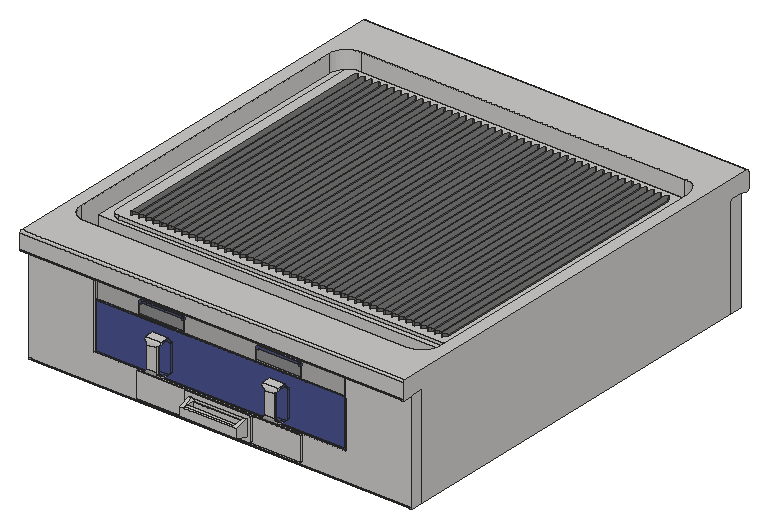
Revit family "QF_ELECTROLUXPROFESSIONAL_589098_MCHNAAHOAO", category Specialty Equipment, Revit 2018
Family settings
  Round Connector Dimension = Use Diameter
  Part Type = Normal
  Work Plane-Based = No
  Always vertical = Yes
  Cut with Voids When Loaded = No
  Shared = No
  Room Calculation Point = No
Parameters
  Weight in Pounds = 264.6
  Watts = 15300 VA  # 15300 W
  Volts = 400 V  # constant formula
  URL Cutsheet = ""
  Type Mark [instance] = ""
  Status [instance] = ""
  Specification by User [instance] = ""
  Specification by Manufacturer = ""
  Show Clearance [instance] = yes
  Serial Number = ""
  Seismic Rating = ""
  SMACNA No = ""
  Revision Code [instance] = ""
  Phase = 3  # constant formula
  Omniclass Number and Title = ""
  Number of Poles [instance] = 1
  NAFEM Spec ID Number = ""
  Model = "589098"
  Min Ckt Ampacity = 0 A
  Max Overcurrent Protection = 0 A
  Masterspec = ""
  Manufacturer = "ELECTROLUX"
  Item Number [instance] = ""
  Installed By [instance] = ""
  Identify Quantity as Lot [instance] = yes
  HP = "20.5 HP"
  Furnished By [instance] = ""
  Foodservice Equipment Identifier [instance] = yes
  FL Amps [instance] = if(Phase = 3, Watts / (Volts * 1.73), Watts / Volts)  # 22.1098 A
  Electrical Remarks = "400 V/3N ph/50/60 Hz"  # constant formula
  Electric Connection Type [instance] = ""
  Elec Conn RI Height [instance] = 0 mm
  Elec Conn Connection Height [instance] = 0 mm
  Direct Waste Size = 0"
  Description = "EL.FRYTOP,RIBBED PL,1-SIDE,800X900X250H"
  Cycle [instance] = if([60 Hertz Option], 60 Hz, 50 Hz)  # 60 Hz
  Conn Plug = ""
  Conn Conduit = yes
  CSI MasterFormat = ""
  CSI Master Format = ""
  Back Panel [instance] = yes
  Apparent Power [instance] = if(Phase = 3, Volts * FL Amps * 1.73, Volts * FL Amps)  # 15300 VA
  60 Hertz Option [instance] = not([50 Hertz Option])  # yes
  50 Hertz Option [instance] = no
Reference planes
  plane 1 "BACK": y = 0
  plane 2: z = 0
  plane 3 "LEFT": x = 0
  plane 4 "RIGHT": x = 800
  plane 5 "FRONT": y = -900
  plane 6 "TOP": z = 250
  plane 7: x = 400
  plane 8: y = -450
  plane 9: y = -1330
Forms (mm)
  Extrusion 1, solid, material "QF_Finishes_Stainless Steel"
    sketch origin (0, -487.128, 0) x (0, 1, 0) y (0, 0, 1)
      loop
        line (483.128, 250) -> (-408.872, 250)
        arc (-408.872, 250) -> (-411.7, 248.828) -> (-412.872, 246) r 4
        line (-412.872, 246) -> (-412.872, 214)
        arc (-412.872, 214) -> (-411.443, 210.936) -> (-408.177, 210.061) r 4
        line (-408.177, 210.061) -> (-391.509, 213) -> (-366.872, 213) -> (-366.872, 0) -> (441.128, 0) -> (441.128, 213) -> (465.765, 213) -> (482.433, 210.061)
        arc (482.433, 210.061) -> (485.699, 210.936) -> (487.128, 214) r 4
        line (487.128, 214) -> (487.128, 246)
        arc (487.128, 246) -> (485.956, 248.828) -> (483.128, 250) r 4
    from 0 to 800
  Extrusion 2, solid, material "QF_Finishes_Stainless Steel", visible <- "Back Panel"
    sketch origin (0, 0, 0) x (0, 1, 0) y (0, 0, 1)
      loop
        line (-46, 0) -> (-20, 0) -> (-20, 213) -> (-46, 213) -> (-46, 0)
    from 0 to 800
  Extrusion 3, void
    sketch origin (653.786, 44.048, 250) x (1, 0, 0) y (0, -1, 0)
      loop
        line (-590.636, 133.048) -> (83.064, 133.048)
        arc (83.064, 133.048) -> (110.04, 144.222) -> (121.214, 171.198) r 38.15
        line (121.214, 171.198) -> (121.214, 816.572)
        arc (121.214, 816.572) -> (109.944, 843.779) -> (82.737, 855.048) r 38.476
        line (82.737, 855.048) -> (-591.786, 855.048)
        arc (-591.786, 855.048) -> (-617.949, 844.211) -> (-628.786, 818.048) r 37
        line (-628.786, 818.048) -> (-628.786, 171.198)
        arc (-628.786, 171.198) -> (-617.613, 144.222) -> (-590.636, 133.048) r 38.15
    from 0 to 37
  Extrusion 4, void
    sketch origin (1307.573, 92.096, 213) x (0, 1, 0) y (1, 0, 0)
      loop
        line (-821.846, -532.573) -> (-864.62, -532.573)
        arc (-864.62, -532.573) -> (-891.827, -543.842) -> (-903.096, -571.049) r 38.476
        line (-903.096, -571.049) -> (-903.096, -1245.573)
        arc (-903.096, -1245.573) -> (-892.259, -1271.736) -> (-866.096, -1282.573) r 37
        line (-866.096, -1282.573) -> (-821.846, -1282.573) -> (-821.846, -532.573)
    from 0 to 25.6
  Extrusion 5, void
    sketch origin (1612.573, 92.096, 187.4) x (-1, 0, 0) y (0, 1, 0)
      loop
        circle (1212.573, -862.096) r 22.248
    from 0 to 92
  Extrusion 6, solid, material "QF_Finishes_Stainless Steel"
    sketch origin (0, -854, 0) x (1, 0, 0) y (0, -1, 0)
      loop
        circle (755, -169) r 6.35
    from 0 to 3.2
  Extrusion 7, solid, material "QF_Door-Drawer Clearances", visible <- "Show Clearance", detail levels coarse
    sketch origin (437.203, -881.593, 8.62) x (0, 0, 1) y (-1, 0, 0)
      loop
        line (1.973, -134.295) -> (49.317, -134.295)
        arc (49.317, -134.295) -> (50.776, -133.691) -> (51.38, -132.232) r 2.063
        line (51.38, -132.232) -> (51.38, 206.852)
        arc (51.38, 206.852) -> (50.88, 208.549) -> (49.541, 209.705) r 3.133
        line (49.541, 209.705) -> (3.067, 209.705)
        arc (3.067, 209.705) -> (0.898, 208.807) -> (0, 206.638) r 3.067
        line (0, 206.638) -> (0, -132.322)
        arc (0, -132.322) -> (0.578, -133.717) -> (1.973, -134.295) r 1.973
    from 0 to 448.407
Cuts and joins
  Extrusion 3, Extrusion 4, Extrusion 5 cuts Extrusion 1
Lines and regions (mm)
  symbolic lines
    curve 1: line (261.519, -902.326, 0) -> (261.519, -900, 0)
    curve 2: spline (267.188, -903.73, 0) -> (266.709, -903.657, 0) -> (266.231, -903.575, 0) -> (265.754, -903.486, 0) -> (265.278, -903.389, 0) -> (264.804, -903.283, 0) -> (264.33, -903.17, 0) -> (263.858, -903.049, 0) -> (263.387, -902.92, 0) -> (262.918, -902.783, 0) -> (262.45, -902.638, 0) -> (261.984, -902.486, 0) -> (261.519, -902.326, 0)
    curve 3: line (293.735, -902.326, 0) -> (293.735, -900, 0)
    curve 4: spline (293.735, -902.326, 0) -> (293.27, -902.486, 0) -> (292.804, -902.638, 0) -> (292.337, -902.783, 0) -> (291.867, -902.92, 0) -> (291.396, -903.049, 0) -> (290.924, -903.17, 0) -> (290.451, -903.283, 0) -> (289.976, -903.389, 0) -> (289.5, -903.486, 0) -> (289.023, -903.575, 0) -> (288.545, -903.657, 0) -> (288.066, -903.73, 0)
    curve 5: line (267.188, -903.73, 0) -> (288.066, -903.73, 0)
    curve 6: line (538.481, -902.326, 0) -> (538.481, -900, 0)
    curve 7: spline (532.812, -903.73, 0) -> (533.291, -903.657, 0) -> (533.769, -903.575, 0) -> (534.246, -903.486, 0) -> (534.722, -903.389, 0) -> (535.196, -903.283, 0) -> (535.67, -903.17, 0) -> (536.142, -903.049, 0) -> (536.613, -902.92, 0) -> (537.082, -902.783, 0) -> (537.55, -902.638, 0) -> (538.016, -902.486, 0) -> (538.481, -902.326, 0)
    curve 8: line (506.265, -902.326, 0) -> (506.265, -900, 0)
    curve 9: spline (506.265, -902.326, 0) -> (506.73, -902.486, 0) -> (507.196, -902.638, 0) -> (507.663, -902.783, 0) -> (508.133, -902.92, 0) -> (508.604, -903.049, 0) -> (509.076, -903.17, 0) -> (509.549, -903.283, 0) -> (510.024, -903.389, 0) -> (510.5, -903.486, 0) -> (510.977, -903.575, 0) -> (511.455, -903.657, 0) -> (511.934, -903.73, 0)
    curve 10: line (532.812, -903.73, 0) -> (511.934, -903.73, 0)
    curve 11: line (25, -774, 0) -> (25, -127.15, 0)
    curve 12: arc (25, -127.15, 0) -> (36.174, -100.174, 0) -> (63.15, -89, 0) r 38.15
    curve 13: line (63.15, -89, 0) -> (736.85, -89, 0)
    curve 14: arc (736.85, -89, 0) -> (763.826, -100.174, 0) -> (775, -127.15, 0) r 38.15
    curve 15: line (775, -127.15, 0) -> (775, -772.524, 0)
    curve 16: arc (775, -772.524, 0) -> (763.731, -799.731, 0) -> (736.524, -811, 0) r 38.476
    curve 17: line (736.524, -811, 0) -> (62, -811, 0)
    curve 18: arc (62, -811, 0) -> (35.837, -800.163, 0) -> (25, -774, 0) r 37
    curve 19: line (775, -729.75, 0) -> (25, -729.75, 0)
    curve 20: circle (400, -770, 0) r 22.248 normal (0, 0, -1)
    curve 21: line (0, 0, 0) -> (800, 0, 0)
    curve 22: line (0, -900, 0) -> (0, 0, 0)
    curve 23: line (800, -900, 0) -> (0, -900, 0)
    curve 24: line (800, 0, 0) -> (800, -900, 0)
    curve 25: line (347.608, -908.767, 0) -> (450.042, -908.767, 0)
    curve 26: line (450.042, -908.767, 0) -> (451.588, -900, 0)
    curve 27: line (347.608, -908.767, 0) -> (346.062, -900, 0)
  symbolic lines, style "QF_Door-Drawer Clearances"
    curve 28: line (227.498, -1330, 0) -> (227.498, -900, 0)
    curve 29: line (227.498, -1330, 0) -> (571.498, -1330, 0)
    curve 30: line (571.498, -1330, 0) -> (571.498, -900, 0)
Dimensions and locks
  plane 3 "LEFT" to plane 4 "RIGHT" = 800 mm
  plane 5 "FRONT" to plane 1 "BACK" = 900 mm
  equal spacing: plane 3 "LEFT", plane 7, plane 4 "RIGHT"
  equal spacing: plane 5 "FRONT", plane 8, plane 1 "BACK"
  plane 6 "TOP" to level = 250 mm  (x2)
  plane 1 "BACK" to plane 5 "FRONT" = 900 mm
  Extrusion 6 sketch curve to plane 1 "BACK" = 685 mm
  Extrusion 6 sketch curve to plane 4 "RIGHT" = 45 mm
  plane 5 "FRONT" to plane 9 = 430 mm
  aligned and locked: level to plane 2
  aligned and locked: Extrusion 7 to plane 9
  aligned and locked: cut or joined group of Extrusion 1, Extrusion 3, Extrusion 4, Extrusion 5 to plane 4 "RIGHT"
  aligned and locked: plane 7 to nested 1
  aligned and locked: Extrusion 2 to plane 4 "RIGHT"
  aligned and locked: plane 7 to nested 2
Automatic sketch dimensions
  Extrusion 2 sketch curve to Extrusion 2 sketch curve = 26 mm
  plane 1 "BACK" to Extrusion 2 sketch curve = 20 mm
  Extrusion 1 to Extrusion 3 sketch curve = 85 mm  (x2)
  Extrusion 1 to Extrusion 3 sketch curve = 122 mm
  Extrusion 1 to Extrusion 3 sketch curve = 25 mm
  Extrusion 3 sketch curve to Extrusion 3 sketch curve = 38.15 mm  (x2)
  Extrusion 1 to Extrusion 3 sketch curve = 123.476 mm
  Extrusion 3 sketch curve to Extrusion 3 sketch curve = 674.524 mm
  Extrusion 1 sketch curve to plane 5 "FRONT" = 0 mm
  Extrusion 1 sketch curve to plane 6 "TOP" = 0 mm
  Extrusion 1 sketch curve to level = 0 mm
  Extrusion 1 sketch curve to plane 1 "BACK" = 0 mm
  Extrusion 1 sketch curve to plane 6 "TOP" = 37 mm  (x2)
  Extrusion 1 sketch curve to plane 5 "FRONT" = 4 mm
  Extrusion 1 sketch curve to plane 5 "FRONT" = 21.363 mm
  Extrusion 1 sketch curve to plane 5 "FRONT" = 46 mm
  plane 1 "BACK" to Extrusion 1 sketch curve = 21.363 mm
  plane 1 "BACK" to Extrusion 1 sketch curve = 4 mm  (x2)
  Extrusion 1 sketch curve to Extrusion 1 sketch curve = 4 mm
  Extrusion 1 sketch curve to Extrusion 1 sketch curve = 0.695 mm
  Extrusion 1 sketch curve to Extrusion 1 sketch curve = 0 mm  (x4)
  plane 1 "BACK" to Extrusion 1 sketch curve = 4.695 mm
  Extrusion 1 sketch curve to Extrusion 1 sketch curve = 1 mm  (x2)
  plane 1 "BACK" to Extrusion 1 sketch curve = 46 mm
  Extrusion 4 sketch curve to Extrusion 3 = 81.25 mm
  Extrusion 3 to Extrusion 4 sketch curve = 0 mm  (x2)
  Extrusion 4 sketch curve to Extrusion 4 sketch curve = 37 mm
  Extrusion 4 sketch curve to Extrusion 4 sketch curve = 674.524 mm
  Extrusion 4 sketch curve to Extrusion 3 = 38.476 mm
  Extrusion 5 sketch curve to Extrusion 4 = 41 mm
  Extrusion 5 sketch curve to Extrusion 4 = 375 mm
  plane 1 "BACK" to curve 21 = 0 mm
  curve 21 to plane 4 "RIGHT" = 0 mm
  curve 28 to plane 9 = 0 mm
  curve 22 to plane 3 "LEFT" = 0 mm
  plane 5 "FRONT" to curve 30 = 0 mm
  plane 4 "RIGHT" to curve 15 = 25 mm
  curve 15 to curve 13 = 38.15 mm
  curve 16 to curve 17 = 38.476 mm
  plane 5 "FRONT" to curve 6 = 2.326 mm
  plane 7 to curve 6 = 138.481 mm
  plane 5 "FRONT" to curve 10 = 3.73 mm
  curve 7 to curve 10 = 5.669 mm
  plane 5 "FRONT" to curve 26 = 8.767 mm
  curve 7 to curve 26 = 82.77 mm
  curve 10 to curve 25 = 61.891 mm
  plane 5 "FRONT" to curve 8 = 2.326 mm
  curve 10 to curve 8 = 5.669 mm
  plane 5 "FRONT" to curve 3 = 2.326 mm
  curve 3 to plane 7 = 106.265 mm
  plane 5 "FRONT" to curve 5 = 3.73 mm
  curve 3 to curve 5 = 5.669 mm
  curve 27 to curve 5 = 59.542 mm
  curve 25 to curve 5 = 80.42 mm
  plane 5 "FRONT" to curve 1 = 2.326 mm
  curve 2 to curve 1 = 5.669 mm
  plane 3 "LEFT" to curve 13 = 63.15 mm
  plane 3 "LEFT" to curve 17 = 62 mm
  plane 3 "LEFT" to curve 28 = 227.498 mm
  plane 3 "LEFT" to curve 11 = 25 mm
  plane 4 "RIGHT" to curve 30 = 228.502 mm
  curve 6 to curve 7 = 9.839 mm
  curve 7 to curve 9 = 12.538 mm
  curve 9 to curve 26 = 64.516 mm
  plane 5 "FRONT" to curve 4 = 4.032 mm
  curve 5 to curve 4 = 4.17 mm
  curve 27 to curve 4 = 62.166 mm
  curve 4 to curve 2 = 12.538 mm
  curve 20 to curve 18 = 338 mm
  plane 1 "BACK" to curve 13 = 89 mm
  curve 15 to plane 5 "FRONT" = 127.476 mm
  curve 19 to curve 18 = 44.25 mm
  curve 20 to curve 18 = 4 mm
  curve 7 to plane 5 "FRONT" = 39.101 mm
  curve 9 to curve 7 = 0 mm
  curve 2 to curve 4 = 0 mm
  level to Extrusion 7 sketch curve = 8.62 mm
  level to Extrusion 7 sketch curve = 57.937 mm
  plane 7 to Extrusion 7 sketch curve = 171.498 mm
  Extrusion 7 sketch curve to Extrusion 7 sketch curve = 1.973 mm
  Extrusion 7 sketch curve to Extrusion 7 sketch curve = 3.067 mm
  Extrusion 7 sketch curve to Extrusion 7 sketch curve = 46.474 mm
  Extrusion 7 sketch curve to Extrusion 7 sketch curve = 2.063 mm
  Extrusion 7 sketch curve to Extrusion 7 sketch curve = 3.133 mm
  Extrusion 7 sketch curve to plane 7 = 169.435 mm
  Extrusion 2 sketch curve to level = 0 mm
  Extrusion 2 sketch curve to plane 6 "TOP" = 37 mm
  radius of Extrusion 5 sketch curve = 22.248 mm
  radius of Extrusion 6 sketch curve = 6.35 mm
  radius of curve 20 = 22.248 mm
Nested families
  nested 1: "EG_900_800 Front Panel with Center Grease Trap" at (402.376, -854, -650), type "EG_900_800 Front Panel with Center Grease Trap"
    with Width 800 mm
  nested 2: "EG_900_800 mm Full Grate" at (400, -409.375, -675), type "EG_900_800 mm Full Grate"
Connectors
  electrical at (755, -685, -3.2), driven by "Volts", driven by "Watts"
    settings: on Extrusion 6, index 1, voltage 400 V, apparent load 15300 VA, apparent load phase1 0 VA, apparent load phase2 0 VA, apparent load phase3 0 VA, power factor 1, load classification "Other", number of poles 1, system type 30, power factor state 1, is connector primary yes, connector utility no, sub classification motor no, connector description "ELECTRICAL CONNECTION"
Definition of nested family "EG_900_800 Front Panel with Center Grease Trap"
  Parameters
    Width [instance] = 800 mm
  Reference planes
    plane 1 "Center (Front/Back)": y = 0
    plane 2: z = 0
    plane 3 "Center (Left/Right)": x = -2.376
    plane 4: x = -402.376
    plane 5: x = 397.624
  Forms (mm)
    Extrusion 1, solid
      sketch origin (833.217, 829.203, -1.25) x (0, 1, 0) y (0, 0, 1)
        loop
          arc (-854.203, 654.25) -> (-853.324, 652.129) -> (-851.203, 651.25) r 3
          line (-851.203, 651.25) -> (-829.203, 651.25) -> (-829.203, 864.25) -> (-854.203, 864.25) -> (-854.203, 654.25)
      from -1235.593 to -435.593
    Extrusion 2, void
      sketch origin (33.217, 829.203, -1.25) x (1, 0, 0) y (0, 0, 1)
        loop
          line (-298.093, 855.116) -> (-298.093, 713.116) -> (226.907, 713.116) -> (226.907, 855.116) -> (-298.093, 855.116)
      from 848.59 to 854.203
  Cuts and joins
    Extrusion 2 cuts Extrusion 1
  Dimensions and locks
    equal spacing: plane 5, plane 3 "Center (Left/Right)", plane 4
    "Width": plane 5 to plane 4
    aligned and locked: cut or joined group of Extrusion 1, Extrusion 2 to plane 4
    aligned and locked: plane 5 to cut or joined group of Extrusion 1, Extrusion 2
    aligned and locked: plane 3 "Center (Left/Right)" to nested 2
    aligned and locked: cut or joined group of Extrusion 1, Extrusion 2 to nested 2
  Automatic sketch dimensions
    Extrusion 1 sketch curve to plane 1 "Center (Front/Back)" = 0 mm
    plane 1 "Center (Front/Back)" to Extrusion 1 sketch curve = 22 mm
    Extrusion 1 sketch curve to Extrusion 1 sketch curve = 3 mm
    level to Extrusion 1 sketch curve = 650 mm
    Extrusion 1 sketch curve to Extrusion 1 sketch curve = 210 mm
    plane 4 to Extrusion 2 sketch curve = 137.5 mm
    Extrusion 2 sketch curve to plane 5 = 137.5 mm
    level to Extrusion 2 sketch curve = 711.866 mm
    Extrusion 2 sketch curve to Extrusion 2 sketch curve = 142 mm
  Nested families
    nested 1: "Range Control Handle" at (-124.522, -28.137, -209.113) x (-1, 0, 0) z (0, 0, 1), type "Range Control Handle"
    nested 2: "800 Panel - Glass conrol panel" at (-30.376, 280.644, 2.752), type "800 Panel - Glass conrol panel"
      with Width 525 mm
    nested 3: "800 Panel - Grease trap door" at (65.223, -25, 0.608) x (-1, 0, 0) z (0, 0, 1), type "800 Panel - Grease trap door"
    nested 4: "Range Control Handle" at (119.771, -28.137, -209.113), type "Range Control Handle"
  Definition of nested family "Range Control Handle"
    Reference planes
      plane 1 "Center (Front/Back)": y = 0
      plane 2: z = 0
      plane 3 "Center (Left/Right)": x = 0
      plane 4: z = 971.092
    Forms (mm)
      Extrusion 1, solid
        sketch origin (-746.28, 380.497, 208.931) x (-1, 0, 0) y (0, 0, 1)
          loop
            line (-770.101, 786.798) -> (-770.101, 731.649)
            arc (-770.101, 731.649) -> (-769.759, 730.563) -> (-768.855, 729.87) r 1.893
            line (-768.855, 729.87) -> (-763.474, 727.911) -> (-729.81, 727.911) -> (-724.428, 729.87)
            arc (-724.428, 729.87) -> (-723.525, 730.563) -> (-723.183, 731.649) r 1.893
            line (-723.183, 731.649) -> (-723.183, 786.798)
            arc (-723.183, 786.798) -> (-723.529, 787.894) -> (-724.44, 788.593) r 1.91
            line (-724.44, 788.593) -> (-729.683, 790.819) -> (-763.601, 790.819) -> (-768.844, 788.593)
            arc (-768.844, 788.593) -> (-769.755, 787.894) -> (-770.101, 786.798) r 1.91
        from -382.35 to -378.852
      Sweep 2, solid
        path origin (-746.788, 380.496, 208.091) x (0, -1, 0) y (0, 0, 1)
          loop
            line (379.775, 793.281) -> (395.661, 791.048)
            arc (395.661, 791.048) -> (397.781, 787.377) -> (398.517, 783.202) r 12.207
            line (398.517, 783.202) -> (398.517, 737.368)
            arc (398.517, 737.368) -> (397.781, 733.193) -> (395.661, 729.522) r 12.207
            line (395.661, 729.522) -> (379.775, 727.289)
        profile origin (-746.788, -7.222, 1000.256) x (0, -0.139173, 0.990268) y (-1, 0, 0)
          loop
            line (0.782, -763.123) -> (0.782, -730.907) -> (-1.322, -730.907) -> (-1.322, -763.123) -> (0.782, -763.123)
      Sweep 3, solid
        path origin (-746.788, 380.715, 207.832) x (0, -1, 0) y (0, 0, 1)
          loop
            line (380.478, 795.442) -> (397.218, 793.09)
            arc (397.218, 793.09) -> (399.929, 788.473) -> (400.871, 783.202) r 15.207
            line (400.871, 783.202) -> (400.871, 737.584)
            arc (400.871, 737.584) -> (399.914, 732.274) -> (397.164, 727.633) r 15.207
            line (397.164, 727.633) -> (380.601, 725.305)
        profile origin (-746.788, -8.132, 1002.099) x (0, -0.139173, 0.990268) y (-1, 0, 0)
          loop
            line (0.782, -763.123) -> (0.782, -730.907) -> (-1.322, -730.907) -> (-1.322, -763.123) -> (0.782, -763.123)
      Extrusion 4, void
        sketch origin (889.253, 220.666, 207.993) x (1, 0, 0) y (0, 0, 1)
          loop
            line (-943.038, 816.854) -> (-943.038, 703.686) -> (-899.466, 734.196) -> (-899.466, 786.344) -> (-943.038, 816.854)
        from 230.636 to 242.25
      Extrusion 5, void
        sketch origin (-888.8, 220.666, 207.993) x (-1, 0, 0) y (0, 0, -1)
          loop
            line (-943.038, -816.854) -> (-899.466, -786.344) -> (-899.466, -734.196) -> (-943.038, -703.686) -> (-943.038, -816.854)
        from 230.636 to 242.25
      Extrusion 6, solid
        sketch origin (0, 0, 0) x (1, 0, 0) y (0, 0, 1)
          loop
            circle (0, 971.092) r 7.736
        from -3.137 to -1.645
    Cuts and joins
      Extrusion 4, Extrusion 5 cuts Sweep 3
      Extrusion 4, Extrusion 5 cuts Sweep 2
      joined: Extrusion 1, Extrusion 6
    Lines and regions (mm)
      symbolic lines
        curve 1: line (23.821, 1.645, 0) -> (-23.097, 1.645, 0)
        curve 2: line (16.334, -1.853, 0) -> (23.821, -1.853, 0)
        curve 3: line (-15.881, -19.189, 0) -> (-15.881, -1.853, 0)
        curve 4: line (-23.097, -1.853, 0) -> (-15.881, -1.853, 0)
        curve 5: line (16.334, -19.189, 0) -> (16.334, -1.853, 0)
        curve 6: spline (-15.881, -19.189, 0) -> (-15.417, -19.349, 0) -> (-14.951, -19.501, 0) -> (-14.483, -19.646, 0) -> (-14.014, -19.783, 0) -> (-13.543, -19.912, 0) -> (-13.071, -20.033, 0) -> (-12.597, -20.146, 0) -> (-12.122, -20.251, 0) -> (-11.646, -20.349, 0) -> (-11.169, -20.438, 0) -> (-10.691, -20.52, 0) -> (-10.213, -20.593, 0)
        curve 7: spline (10.666, -20.593, 0) -> (11.144, -20.52, 0) -> (11.622, -20.438, 0) -> (12.099, -20.349, 0) -> (12.575, -20.251, 0) -> (13.05, -20.146, 0) -> (13.524, -20.033, 0) -> (13.996, -19.912, 0) -> (14.467, -19.783, 0) -> (14.936, -19.646, 0) -> (15.404, -19.501, 0) -> (15.87, -19.349, 0) -> (16.334, -19.189, 0)
        curve 8: line (-10.213, -20.938, 0) -> (10.716, -20.938, 0)
        curve 9: line (-23.097, 1.645, 0) -> (-23.097, -1.853, 0)
        curve 10: line (23.821, 1.645, 0) -> (23.821, -1.853, 0)
  Definition of nested family "800 Panel - Glass conrol panel"
    Parameters
      Width [instance] = 525 mm
    Reference planes
      plane 1 "Center (Front/Back)": y = 0
      plane 2: z = 0
      plane 3 "Center (Left/Right)": x = 28
      plane 4: x = -234.5
      plane 5: x = 290.5
    Forms (mm)
      Extrusion 1, solid
        sketch origin (378.286, 0, 0.617) x (1, 0, 0) y (0, 0, 1)
          loop
            line (-612.786, 806.791) -> (-612.786, 708.497) -> (-87.786, 708.497) -> (-87.786, 806.791) -> (-612.786, 806.791)
        from 300.031 to 304.8
      Extrusion 2, solid
        sketch origin (378.286, 0, 0.617) x (1, 0, 0) y (0, 0, 1)
          loop
            line (-612.786, 850.497) -> (-612.786, 806.791) -> (-87.786, 806.791) -> (-87.786, 850.497) -> (-612.786, 850.497)
        from 300.031 to 304.8
      Extrusion 3, void
        sketch origin (378.286, 0, 0.617) x (1, 0, 0) y (0, 0, 1)
          loop
            line (-610.128, 847.565) -> (-610.128, 710.699) -> (-90.696, 710.699) -> (-90.696, 847.565) -> (-610.128, 847.565)
        from 303.697 to 304.8
      Extrusion 4, solid
        sketch origin (-430.455, 1.101, -0.633) x (-1, 0, 0) y (0, 0, -1)
          loop
            line (-289.431, -812.62) -> (-383.186, -812.62) -> (-383.186, -834.177) -> (-378.269, -834.177) -> (-376.469, -835.977) -> (-296.039, -835.977) -> (-294.24, -834.177) -> (-289.431, -834.177) -> (-289.431, -812.62)
        from 304.798 to 306.745
      Extrusion 5, solid
        sketch origin (-430.455, 1.101, -0.633) x (-1, 0, 0) y (0, 0, -1)
          loop
            line (-378.269, -834.177) -> (-383.078, -834.177)
            arc (-383.078, -834.177) -> (-381.942, -838.747) -> (-377.686, -840.763) r 5.5
            line (-377.686, -840.763) -> (-294.98, -840.763)
            arc (-294.98, -840.763) -> (-290.706, -838.752) -> (-289.529, -834.177) r 5.549
            line (-289.529, -834.177) -> (-294.24, -834.177) -> (-296.039, -835.977) -> (-376.469, -835.977) -> (-378.269, -834.177)
        from 304.798 to 306.745
      Extrusion 6, solid
        sketch origin (486.455, 1.101, -0.633) x (1, 0, 0) y (0, 0, 1)
          loop
            line (-289.431, 812.62) -> (-289.431, 834.177) -> (-294.24, 834.177) -> (-296.039, 835.977) -> (-376.469, 835.977) -> (-378.269, 834.177) -> (-383.186, 834.177) -> (-383.186, 812.62) -> (-289.431, 812.62)
        from 304.798 to 306.745
      Extrusion 7, solid
        sketch origin (486.455, 1.101, -0.633) x (1, 0, 0) y (0, 0, 1)
          loop
            line (-378.269, 834.177) -> (-376.469, 835.977) -> (-296.039, 835.977) -> (-294.24, 834.177) -> (-289.529, 834.177)
            arc (-289.529, 834.177) -> (-290.706, 838.752) -> (-294.98, 840.763) r 5.549
            line (-294.98, 840.763) -> (-377.686, 840.763)
            arc (-377.686, 840.763) -> (-381.942, 838.747) -> (-383.078, 834.177) r 5.5
            line (-383.078, 834.177) -> (-378.269, 834.177)
        from 304.798 to 306.745
    Cuts and joins
      Extrusion 3 cuts Extrusion 1
      Extrusion 3 cuts Extrusion 2
    Dimensions and locks
      "Width": plane 5 to plane 4
      equal spacing: plane 5, plane 3 "Center (Left/Right)", plane 4
      aligned and locked: Extrusion 1 to Extrusion 2
      aligned and locked: Extrusion 5 to Extrusion 4
      aligned and locked: plane 5 to cut or joined group of Extrusion 1, Extrusion 3
      aligned and locked: plane 5 to cut or joined group of Extrusion 2, Extrusion 3
      aligned and locked: cut or joined group of Extrusion 1, Extrusion 3 to plane 4
      aligned and locked: cut or joined group of Extrusion 2, Extrusion 3 to plane 4
      aligned and locked: Extrusion 7 to Extrusion 6
    Automatic sketch dimensions
      Extrusion 1 sketch curve to plane 4 = 0 mm
      Extrusion 1 sketch curve to plane 5 = 0 mm
      level to Extrusion 1 sketch curve = 709.114 mm
      Extrusion 1 sketch curve to Extrusion 1 sketch curve = 98.294 mm
      Extrusion 2 sketch curve to plane 4 = 0 mm
      Extrusion 2 sketch curve to plane 5 = 0 mm
      level to Extrusion 2 sketch curve = 807.408 mm
      Extrusion 2 sketch curve to Extrusion 2 sketch curve = 43.706 mm
      plane 4 to Extrusion 3 sketch curve = 2.658 mm
      level to Extrusion 3 sketch curve = 711.316 mm
      Extrusion 3 sketch curve to plane 5 = 2.909 mm
      Extrusion 3 sketch curve to Extrusion 3 sketch curve = 136.866 mm
      Extrusion 4 sketch curve to plane 3 "Center (Left/Right)" = 75.269 mm
      plane 4 to Extrusion 4 sketch curve = 100.084 mm
      level to Extrusion 4 sketch curve = 835.343 mm
      Extrusion 4 sketch curve to Extrusion 4 sketch curve = 4.917 mm
      Extrusion 4 sketch curve to Extrusion 4 sketch curve = 1.8 mm  (x4)
      Extrusion 4 sketch curve to Extrusion 4 sketch curve = 4.809 mm
      Extrusion 4 sketch curve to Extrusion 4 sketch curve = 21.557 mm
      Extrusion 5 sketch curve to plane 3 "Center (Left/Right)" = 75.377 mm
      Extrusion 5 sketch curve to plane 3 "Center (Left/Right)" = 80.769 mm
      level to Extrusion 5 sketch curve = 840.129 mm
      Extrusion 5 sketch curve to Extrusion 5 sketch curve = 0.583 mm
      Extrusion 5 sketch curve to Extrusion 5 sketch curve = 1.217 mm
      Extrusion 5 sketch curve to Extrusion 5 sketch curve = 80.43 mm
      Extrusion 5 sketch curve to Extrusion 5 sketch curve = 1.059 mm
      Extrusion 5 sketch curve to Extrusion 5 sketch curve = 0.741 mm
      Extrusion 5 sketch curve to Extrusion 5 sketch curve = 4.711 mm
      Extrusion 5 sketch curve to Extrusion 5 sketch curve = 4.786 mm
      Extrusion 5 sketch curve to Extrusion 5 sketch curve = 1.8 mm  (x2)
      plane 3 "Center (Left/Right)" to Extrusion 6 sketch curve = 75.269 mm
      level to Extrusion 6 sketch curve = 811.987 mm
      Extrusion 6 sketch curve to Extrusion 6 sketch curve = 4.917 mm
      Extrusion 6 sketch curve to Extrusion 6 sketch curve = 1.8 mm  (x3)
      Extrusion 6 sketch curve to Extrusion 6 sketch curve = 80.43 mm
      Extrusion 6 sketch curve to Extrusion 6 sketch curve = 4.809 mm
      Extrusion 6 sketch curve to Extrusion 6 sketch curve = 21.557 mm  (x2)
      plane 3 "Center (Left/Right)" to Extrusion 7 sketch curve = 75.377 mm
      plane 3 "Center (Left/Right)" to Extrusion 7 sketch curve = 80.186 mm
      level to Extrusion 7 sketch curve = 833.543 mm
      Extrusion 7 sketch curve to Extrusion 7 sketch curve = 0.583 mm
      Extrusion 7 sketch curve to Extrusion 7 sketch curve = 1.217 mm
      Extrusion 7 sketch curve to Extrusion 7 sketch curve = 80.43 mm
      Extrusion 7 sketch curve to Extrusion 7 sketch curve = 1.059 mm
      Extrusion 7 sketch curve to Extrusion 7 sketch curve = 0.741 mm
      Extrusion 7 sketch curve to Extrusion 7 sketch curve = 4.711 mm
      Extrusion 7 sketch curve to Extrusion 7 sketch curve = 0 mm
      Extrusion 7 sketch curve to Extrusion 7 sketch curve = 1.8 mm
      Extrusion 7 sketch curve to Extrusion 7 sketch curve = 4.786 mm
  Definition of nested family "800 Panel - Grease trap door"
    Reference planes
      plane 1 "Center (Front/Back)": y = 0
      plane 2: z = 0
      plane 3 "Center (Left/Right)": x = 0
    Forms (mm)
      Extrusion 1, solid
        sketch origin (1627.55, 854.203, -1.25) x (1, 0, 0) y (0, 0, 1)
          loop
            arc (-1627.55, 661.235) -> (-1626.972, 659.84) -> (-1625.577, 659.262) r 1.973
            line (-1625.577, 659.262) -> (-1494.325, 659.262)
            arc (-1494.325, 659.262) -> (-1492.156, 660.16) -> (-1491.258, 662.329) r 3.067
            line (-1491.258, 662.329) -> (-1491.258, 708.803)
            arc (-1491.258, 708.803) -> (-1492.414, 710.143) -> (-1494.111, 710.642) r 3.133
            line (-1494.111, 710.642) -> (-1625.486, 710.642)
            arc (-1625.486, 710.642) -> (-1626.945, 710.038) -> (-1627.55, 708.579) r 2.063
            line (-1627.55, 708.579) -> (-1627.55, 661.235)
        from 856.795 to 859.203
      Extrusion 2, solid
        sketch origin (445.874, 2476.61, 0) x (0, 1, 0) y (0, 0, 1)
          loop
            line (-2506.377, 675.273) -> (-2481.61, 667.505) -> (-2481.61, 700.995) -> (-2506.377, 693.227) -> (-2506.377, 675.273)
        from -437.68 to -317.68
      Extrusion 3, void
        sketch origin (1627.55, 854.203, -1.25) x (1, 0, 0) y (0, 0, 1)
          loop
            line (-1614.883, 703) -> (-1610.542, 695.433) -> (-1508.17, 695.433) -> (-1503.828, 703) -> (-1614.883, 703)
          loop
            line (-1614.883, 668) -> (-1502.669, 668) -> (-1507.01, 675.567) -> (-1610.542, 675.567) -> (-1614.883, 668)
        from 832.916 to 883.97
      Extrusion 4, void
        sketch origin (447.55, 854.203, -1.25) x (1, 0, 0) y (0, 0, 1)
          loop
            line (-430.542, 695.433) -> (-430.542, 675.567) -> (-328.17, 675.567) -> (-328.17, 695.433) -> (-430.542, 695.433)
        from 859.203 to 874.202
      Extrusion 5, solid
        sketch origin (1627.55, 854.203, -1.25) x (1, 0, 0) y (0, 0, 1)
          loop
            line (-1390.516, 710.642) -> (-1729.386, 710.642)
            arc (-1729.386, 710.642) -> (-1730.845, 710.038) -> (-1731.449, 708.579) r 2.063
            line (-1731.449, 708.579) -> (-1731.449, 661.235)
            arc (-1731.449, 661.235) -> (-1730.871, 659.84) -> (-1729.476, 659.262) r 1.973
            line (-1729.476, 659.262) -> (-1390.516, 659.262)
            arc (-1390.516, 659.262) -> (-1388.347, 660.16) -> (-1387.449, 662.329) r 3.067
            line (-1387.449, 662.329) -> (-1387.449, 707.485)
            arc (-1387.449, 707.485) -> (-1388.347, 709.653) -> (-1390.516, 710.552) r 3.067
        from 854.203 to 856.795
    Cuts and joins
      Extrusion 3 cuts Extrusion 1
      Extrusion 3, Extrusion 4 cuts Extrusion 2
      joined: Extrusion 1, Extrusion 2
    Lines and regions (mm)
      symbolic lines
        curve 1: line (0, -2.593, 0) -> (136.292, -2.593, 0)
        curve 2: line (17.557, -29.767, 0) -> (12.667, -2.593, 0)
        curve 3: line (17.557, -29.767, 0) -> (119.991, -29.767, 0)
        curve 4: line (119.991, -29.767, 0) -> (124.881, -2.593, 0)
        curve 5: line (68.146, -2.593, 0) -> (68.146, -29.767, 0)
      model lines
        curve 6: line (67.599, 0, 658.012) -> (67.599, 0, 709.392)
    Dimensions and locks
      aligned and locked: Extrusion 2 to Extrusion 1
      aligned and locked: Extrusion 3 to Extrusion 2
      aligned and locked: Extrusion 4 to Extrusion 1
Definition of nested family "EG_900_800 mm Full Grate"
  Parameters
    Length = 662 mm
    Array = Length / 15 mm  # 44
  Reference planes
    plane 1 "Center (Front/Back)": y = 0
    plane 2: z = 0
    plane 3 "Center (Left/Right)": x = 0
    plane 4: x = -355
    plane 5: x = 355
    plane 6: z = 900
    plane 7: z = 888
    plane 8: x = -331
    plane 9: x = 331
  Forms (mm)
    Extrusion 1, solid
      sketch origin (453.786, 467.26, 0) x (1, 0, 0) y (0, 1, 0)
        loop
          line (-808.786, -175.198) -> (-808.786, -760.472)
          arc (-808.786, -760.472) -> (-803.807, -772.493) -> (-791.786, -777.472) r 17
          line (-791.786, -777.472) -> (-116.936, -777.472)
          arc (-116.936, -777.472) -> (-104.102, -772.156) -> (-98.786, -759.322) r 18.15
          line (-98.786, -759.322) -> (-98.786, -175.198)
          arc (-98.786, -175.198) -> (-104.102, -162.364) -> (-116.936, -157.048) r 18.15
          line (-116.936, -157.048) -> (-790.636, -157.048)
          arc (-790.636, -157.048) -> (-803.47, -162.364) -> (-808.786, -175.198) r 18.15
      from 888 to 894.474
  Lines and regions (mm)
    symbolic lines
      curve 1: line (-331, 286.484, 0) -> (-324.5, 295.767, 0)
      curve 2: line (-324.5, 295.767, 0) -> (-318, 286.484, 0)
      curve 3: line (-318, -286.484, 0) -> (-318, 286.484, 0)
      curve 4: line (-331, 286.484, 0) -> (-331, -286.484, 0)
      curve 5: line (-324.5, -295.767, 0) -> (-331, -286.484, 0)
      curve 6: line (-318, -286.484, 0) -> (-324.5, -295.767, 0)
      curve 7: line (318, 286.484, 0) -> (324.5, 295.767, 0)
      curve 8: line (324.5, 295.767, 0) -> (331, 286.484, 0)
      curve 9: line (331, -286.484, 0) -> (331, 286.484, 0)
      curve 10: line (318, 286.484, 0) -> (318, -286.484, 0)
      curve 11: line (324.5, -295.767, 0) -> (318, -286.484, 0)
      curve 12: line (331, -286.484, 0) -> (324.5, -295.767, 0)
      curve 13: line (-315.907, 286.484, 0) -> (-309.407, 295.767, 0)
      curve 14: line (-309.407, 295.767, 0) -> (-302.907, 286.484, 0)
      curve 15: line (-302.907, -286.484, 0) -> (-302.907, 286.484, 0)
      curve 16: line (-315.907, 286.484, 0) -> (-315.907, -286.484, 0)
      curve 17: line (-309.407, -295.767, 0) -> (-315.907, -286.484, 0)
      curve 18: line (-302.907, -286.484, 0) -> (-309.407, -295.767, 0)
      curve 19: line (-300.814, 286.484, 0) -> (-294.314, 295.767, 0)
      curve 20: line (-294.314, 295.767, 0) -> (-287.814, 286.484, 0)
      curve 21: line (-287.814, -286.484, 0) -> (-287.814, 286.484, 0)
      curve 22: line (-300.814, 286.484, 0) -> (-300.814, -286.484, 0)
      curve 23: line (-294.314, -295.767, 0) -> (-300.814, -286.484, 0)
      curve 24: line (-287.814, -286.484, 0) -> (-294.314, -295.767, 0)
      curve 25: line (-285.721, 286.484, 0) -> (-279.221, 295.767, 0)
      curve 26: line (-279.221, 295.767, 0) -> (-272.721, 286.484, 0)
      curve 27: line (-272.721, -286.484, 0) -> (-272.721, 286.484, 0)
      curve 28: line (-285.721, 286.484, 0) -> (-285.721, -286.484, 0)
      curve 29: line (-279.221, -295.767, 0) -> (-285.721, -286.484, 0)
      curve 30: line (-272.721, -286.484, 0) -> (-279.221, -295.767, 0)
      curve 31: line (-270.628, 286.484, 0) -> (-264.128, 295.767, 0)
      curve 32: line (-264.128, 295.767, 0) -> (-257.628, 286.484, 0)
      curve 33: line (-257.628, -286.484, 0) -> (-257.628, 286.484, 0)
      curve 34: line (-270.628, 286.484, 0) -> (-270.628, -286.484, 0)
      curve 35: line (-264.128, -295.767, 0) -> (-270.628, -286.484, 0)
      curve 36: line (-257.628, -286.484, 0) -> (-264.128, -295.767, 0)
      curve 37: line (-255.535, 286.484, 0) -> (-249.035, 295.767, 0)
      curve 38: line (-249.035, 295.767, 0) -> (-242.535, 286.484, 0)
      curve 39: line (-242.535, -286.484, 0) -> (-242.535, 286.484, 0)
      curve 40: line (-255.535, 286.484, 0) -> (-255.535, -286.484, 0)
      curve 41: line (-249.035, -295.767, 0) -> (-255.535, -286.484, 0)
      curve 42: line (-242.535, -286.484, 0) -> (-249.035, -295.767, 0)
      curve 43: line (-240.442, 286.484, 0) -> (-233.942, 295.767, 0)
      curve 44: line (-233.942, 295.767, 0) -> (-227.442, 286.484, 0)
      curve 45: line (-227.442, -286.484, 0) -> (-227.442, 286.484, 0)
      curve 46: line (-240.442, 286.484, 0) -> (-240.442, -286.484, 0)
      curve 47: line (-233.942, -295.767, 0) -> (-240.442, -286.484, 0)
      curve 48: line (-227.442, -286.484, 0) -> (-233.942, -295.767, 0)
      curve 49: line (-225.349, 286.484, 0) -> (-218.849, 295.767, 0)
      curve 50: line (-218.849, 295.767, 0) -> (-212.349, 286.484, 0)
      curve 51: line (-212.349, -286.484, 0) -> (-212.349, 286.484, 0)
      curve 52: line (-225.349, 286.484, 0) -> (-225.349, -286.484, 0)
      curve 53: line (-218.849, -295.767, 0) -> (-225.349, -286.484, 0)
      curve 54: line (-212.349, -286.484, 0) -> (-218.849, -295.767, 0)
      curve 55: line (-210.256, 286.484, 0) -> (-203.756, 295.767, 0)
      curve 56: line (-203.756, 295.767, 0) -> (-197.256, 286.484, 0)
      curve 57: line (-197.256, -286.484, 0) -> (-197.256, 286.484, 0)
      curve 58: line (-210.256, 286.484, 0) -> (-210.256, -286.484, 0)
      curve 59: line (-203.756, -295.767, 0) -> (-210.256, -286.484, 0)
      curve 60: line (-197.256, -286.484, 0) -> (-203.756, -295.767, 0)
      curve 61: line (-195.163, 286.484, 0) -> (-188.663, 295.767, 0)
      curve 62: line (-188.663, 295.767, 0) -> (-182.163, 286.484, 0)
      curve 63: line (-182.163, -286.484, 0) -> (-182.163, 286.484, 0)
      curve 64: line (-195.163, 286.484, 0) -> (-195.163, -286.484, 0)
      curve 65: line (-188.663, -295.767, 0) -> (-195.163, -286.484, 0)
      curve 66: line (-182.163, -286.484, 0) -> (-188.663, -295.767, 0)
      curve 67: line (-180.07, 286.484, 0) -> (-173.57, 295.767, 0)
      curve 68: line (-173.57, 295.767, 0) -> (-167.07, 286.484, 0)
      curve 69: line (-167.07, -286.484, 0) -> (-167.07, 286.484, 0)
      curve 70: line (-180.07, 286.484, 0) -> (-180.07, -286.484, 0)
      curve 71: line (-173.57, -295.767, 0) -> (-180.07, -286.484, 0)
      curve 72: line (-167.07, -286.484, 0) -> (-173.57, -295.767, 0)
      curve 73: line (-164.977, 286.484, 0) -> (-158.477, 295.767, 0)
      curve 74: line (-158.477, 295.767, 0) -> (-151.977, 286.484, 0)
      curve 75: line (-151.977, -286.484, 0) -> (-151.977, 286.484, 0)
      curve 76: line (-164.977, 286.484, 0) -> (-164.977, -286.484, 0)
      curve 77: line (-158.477, -295.767, 0) -> (-164.977, -286.484, 0)
      curve 78: line (-151.977, -286.484, 0) -> (-158.477, -295.767, 0)
      curve 79: line (-149.884, 286.484, 0) -> (-143.384, 295.767, 0)
      curve 80: line (-143.384, 295.767, 0) -> (-136.884, 286.484, 0)
      curve 81: line (-136.884, -286.484, 0) -> (-136.884, 286.484, 0)
      curve 82: line (-149.884, 286.484, 0) -> (-149.884, -286.484, 0)
      curve 83: line (-143.384, -295.767, 0) -> (-149.884, -286.484, 0)
      curve 84: line (-136.884, -286.484, 0) -> (-143.384, -295.767, 0)
      curve 85: line (-134.791, 286.484, 0) -> (-128.291, 295.767, 0)
      curve 86: line (-128.291, 295.767, 0) -> (-121.791, 286.484, 0)
      curve 87: line (-121.791, -286.484, 0) -> (-121.791, 286.484, 0)
      curve 88: line (-134.791, 286.484, 0) -> (-134.791, -286.484, 0)
      curve 89: line (-128.291, -295.767, 0) -> (-134.791, -286.484, 0)
      curve 90: line (-121.791, -286.484, 0) -> (-128.291, -295.767, 0)
      curve 91: line (-119.698, 286.484, 0) -> (-113.198, 295.767, 0)
      curve 92: line (-113.198, 295.767, 0) -> (-106.698, 286.484, 0)
      curve 93: line (-106.698, -286.484, 0) -> (-106.698, 286.484, 0)
      curve 94: line (-119.698, 286.484, 0) -> (-119.698, -286.484, 0)
      curve 95: line (-113.198, -295.767, 0) -> (-119.698, -286.484, 0)
      curve 96: line (-106.698, -286.484, 0) -> (-113.198, -295.767, 0)
      curve 97: line (-104.605, 286.484, 0) -> (-98.105, 295.767, 0)
      curve 98: line (-98.105, 295.767, 0) -> (-91.605, 286.484, 0)
      curve 99: line (-91.605, -286.484, 0) -> (-91.605, 286.484, 0)
      curve 100: line (-104.605, 286.484, 0) -> (-104.605, -286.484, 0)
      curve 101: line (-98.105, -295.767, 0) -> (-104.605, -286.484, 0)
      curve 102: line (-91.605, -286.484, 0) -> (-98.105, -295.767, 0)
      curve 103: line (-89.512, 286.484, 0) -> (-83.012, 295.767, 0)
      curve 104: line (-83.012, 295.767, 0) -> (-76.512, 286.484, 0)
      curve 105: line (-76.512, -286.484, 0) -> (-76.512, 286.484, 0)
      curve 106: line (-89.512, 286.484, 0) -> (-89.512, -286.484, 0)
      curve 107: line (-83.012, -295.767, 0) -> (-89.512, -286.484, 0)
      curve 108: line (-76.512, -286.484, 0) -> (-83.012, -295.767, 0)
      curve 109: line (-74.419, 286.484, 0) -> (-67.919, 295.767, 0)
      curve 110: line (-67.919, 295.767, 0) -> (-61.419, 286.484, 0)
      curve 111: line (-61.419, -286.484, 0) -> (-61.419, 286.484, 0)
      curve 112: line (-74.419, 286.484, 0) -> (-74.419, -286.484, 0)
      curve 113: line (-67.919, -295.767, 0) -> (-74.419, -286.484, 0)
      curve 114: line (-61.419, -286.484, 0) -> (-67.919, -295.767, 0)
      curve 115: line (-59.326, 286.484, 0) -> (-52.826, 295.767, 0)
      curve 116: line (-52.826, 295.767, 0) -> (-46.326, 286.484, 0)
      curve 117: line (-46.326, -286.484, 0) -> (-46.326, 286.484, 0)
      curve 118: line (-59.326, 286.484, 0) -> (-59.326, -286.484, 0)
      curve 119: line (-52.826, -295.767, 0) -> (-59.326, -286.484, 0)
      curve 120: line (-46.326, -286.484, 0) -> (-52.826, -295.767, 0)
      curve 121: line (-44.233, 286.484, 0) -> (-37.733, 295.767, 0)
      curve 122: line (-37.733, 295.767, 0) -> (-31.233, 286.484, 0)
      curve 123: line (-31.233, -286.484, 0) -> (-31.233, 286.484, 0)
      curve 124: line (-44.233, 286.484, 0) -> (-44.233, -286.484, 0)
      curve 125: line (-37.733, -295.767, 0) -> (-44.233, -286.484, 0)
      curve 126: line (-31.233, -286.484, 0) -> (-37.733, -295.767, 0)
      curve 127: line (-29.14, 286.484, 0) -> (-22.64, 295.767, 0)
      curve 128: line (-22.64, 295.767, 0) -> (-16.14, 286.484, 0)
      curve 129: line (-16.14, -286.484, 0) -> (-16.14, 286.484, 0)
      curve 130: line (-29.14, 286.484, 0) -> (-29.14, -286.484, 0)
      curve 131: line (-22.64, -295.767, 0) -> (-29.14, -286.484, 0)
      curve 132: line (-16.14, -286.484, 0) -> (-22.64, -295.767, 0)
      curve 133: line (-14.047, 286.484, 0) -> (-7.547, 295.767, 0)
      curve 134: line (-7.547, 295.767, 0) -> (-1.047, 286.484, 0)
      curve 135: line (-1.047, -286.484, 0) -> (-1.047, 286.484, 0)
      curve 136: line (-14.047, 286.484, 0) -> (-14.047, -286.484, 0)
      curve 137: line (-7.547, -295.767, 0) -> (-14.047, -286.484, 0)
      curve 138: line (-1.047, -286.484, 0) -> (-7.547, -295.767, 0)
      curve 139: line (1.047, 286.484, 0) -> (7.547, 295.767, 0)
      curve 140: line (7.547, 295.767, 0) -> (14.047, 286.484, 0)
      curve 141: line (14.047, -286.484, 0) -> (14.047, 286.484, 0)
      curve 142: line (1.047, 286.484, 0) -> (1.047, -286.484, 0)
      curve 143: line (7.547, -295.767, 0) -> (1.047, -286.484, 0)
      curve 144: line (14.047, -286.484, 0) -> (7.547, -295.767, 0)
      curve 145: line (16.14, 286.484, 0) -> (22.64, 295.767, 0)
      curve 146: line (22.64, 295.767, 0) -> (29.14, 286.484, 0)
      curve 147: line (29.14, -286.484, 0) -> (29.14, 286.484, 0)
      curve 148: line (16.14, 286.484, 0) -> (16.14, -286.484, 0)
      curve 149: line (22.64, -295.767, 0) -> (16.14, -286.484, 0)
      curve 150: line (29.14, -286.484, 0) -> (22.64, -295.767, 0)
      curve 151: line (31.233, 286.484, 0) -> (37.733, 295.767, 0)
      curve 152: line (37.733, 295.767, 0) -> (44.233, 286.484, 0)
      curve 153: line (44.233, -286.484, 0) -> (44.233, 286.484, 0)
      curve 154: line (31.233, 286.484, 0) -> (31.233, -286.484, 0)
      curve 155: line (37.733, -295.767, 0) -> (31.233, -286.484, 0)
      curve 156: line (44.233, -286.484, 0) -> (37.733, -295.767, 0)
      curve 157: line (46.326, 286.484, 0) -> (52.826, 295.767, 0)
      curve 158: line (52.826, 295.767, 0) -> (59.326, 286.484, 0)
      curve 159: line (59.326, -286.484, 0) -> (59.326, 286.484, 0)
      curve 160: line (46.326, 286.484, 0) -> (46.326, -286.484, 0)
      curve 161: line (52.826, -295.767, 0) -> (46.326, -286.484, 0)
      curve 162: line (59.326, -286.484, 0) -> (52.826, -295.767, 0)
      curve 163: line (61.419, 286.484, 0) -> (67.919, 295.767, 0)
      curve 164: line (67.919, 295.767, 0) -> (74.419, 286.484, 0)
      curve 165: line (74.419, -286.484, 0) -> (74.419, 286.484, 0)
      curve 166: line (61.419, 286.484, 0) -> (61.419, -286.484, 0)
      curve 167: line (67.919, -295.767, 0) -> (61.419, -286.484, 0)
      curve 168: line (74.419, -286.484, 0) -> (67.919, -295.767, 0)
      curve 169: line (76.512, 286.484, 0) -> (83.012, 295.767, 0)
      curve 170: line (83.012, 295.767, 0) -> (89.512, 286.484, 0)
      curve 171: line (89.512, -286.484, 0) -> (89.512, 286.484, 0)
      curve 172: line (76.512, 286.484, 0) -> (76.512, -286.484, 0)
      curve 173: line (83.012, -295.767, 0) -> (76.512, -286.484, 0)
      curve 174: line (89.512, -286.484, 0) -> (83.012, -295.767, 0)
      curve 175: line (91.605, 286.484, 0) -> (98.105, 295.767, 0)
      curve 176: line (98.105, 295.767, 0) -> (104.605, 286.484, 0)
      curve 177: line (104.605, -286.484, 0) -> (104.605, 286.484, 0)
      curve 178: line (91.605, 286.484, 0) -> (91.605, -286.484, 0)
      curve 179: line (98.105, -295.767, 0) -> (91.605, -286.484, 0)
      curve 180: line (104.605, -286.484, 0) -> (98.105, -295.767, 0)
      curve 181: line (106.698, 286.484, 0) -> (113.198, 295.767, 0)
      curve 182: line (113.198, 295.767, 0) -> (119.698, 286.484, 0)
      curve 183: line (119.698, -286.484, 0) -> (119.698, 286.484, 0)
      curve 184: line (106.698, 286.484, 0) -> (106.698, -286.484, 0)
      curve 185: line (113.198, -295.767, 0) -> (106.698, -286.484, 0)
      curve 186: line (119.698, -286.484, 0) -> (113.198, -295.767, 0)
      curve 187: line (121.791, 286.484, 0) -> (128.291, 295.767, 0)
      curve 188: line (128.291, 295.767, 0) -> (134.791, 286.484, 0)
      curve 189: line (134.791, -286.484, 0) -> (134.791, 286.484, 0)
      curve 190: line (121.791, 286.484, 0) -> (121.791, -286.484, 0)
      curve 191: line (128.291, -295.767, 0) -> (121.791, -286.484, 0)
      curve 192: line (134.791, -286.484, 0) -> (128.291, -295.767, 0)
      curve 193: line (136.884, 286.484, 0) -> (143.384, 295.767, 0)
      curve 194: line (143.384, 295.767, 0) -> (149.884, 286.484, 0)
      curve 195: line (149.884, -286.484, 0) -> (149.884, 286.484, 0)
      curve 196: line (136.884, 286.484, 0) -> (136.884, -286.484, 0)
      curve 197: line (143.384, -295.767, 0) -> (136.884, -286.484, 0)
      curve 198: line (149.884, -286.484, 0) -> (143.384, -295.767, 0)
      curve 199: line (151.977, 286.484, 0) -> (158.477, 295.767, 0)
      curve 200: line (158.477, 295.767, 0) -> (164.977, 286.484, 0)
      curve 201: line (164.977, -286.484, 0) -> (164.977, 286.484, 0)
      curve 202: line (151.977, 286.484, 0) -> (151.977, -286.484, 0)
      curve 203: line (158.477, -295.767, 0) -> (151.977, -286.484, 0)
      curve 204: line (164.977, -286.484, 0) -> (158.477, -295.767, 0)
      curve 205: line (167.07, 286.484, 0) -> (173.57, 295.767, 0)
      curve 206: line (173.57, 295.767, 0) -> (180.07, 286.484, 0)
      curve 207: line (180.07, -286.484, 0) -> (180.07, 286.484, 0)
      curve 208: line (167.07, 286.484, 0) -> (167.07, -286.484, 0)
      curve 209: line (173.57, -295.767, 0) -> (167.07, -286.484, 0)
      curve 210: line (180.07, -286.484, 0) -> (173.57, -295.767, 0)
      curve 211: line (182.163, 286.484, 0) -> (188.663, 295.767, 0)
      curve 212: line (188.663, 295.767, 0) -> (195.163, 286.484, 0)
      curve 213: line (195.163, -286.484, 0) -> (195.163, 286.484, 0)
      curve 214: line (182.163, 286.484, 0) -> (182.163, -286.484, 0)
      curve 215: line (188.663, -295.767, 0) -> (182.163, -286.484, 0)
      curve 216: line (195.163, -286.484, 0) -> (188.663, -295.767, 0)
      curve 217: line (197.256, 286.484, 0) -> (203.756, 295.767, 0)
      curve 218: line (203.756, 295.767, 0) -> (210.256, 286.484, 0)
      curve 219: line (210.256, -286.484, 0) -> (210.256, 286.484, 0)
      curve 220: line (197.256, 286.484, 0) -> (197.256, -286.484, 0)
      curve 221: line (203.756, -295.767, 0) -> (197.256, -286.484, 0)
      curve 222: line (210.256, -286.484, 0) -> (203.756, -295.767, 0)
      curve 223: line (212.349, 286.484, 0) -> (218.849, 295.767, 0)
      curve 224: line (218.849, 295.767, 0) -> (225.349, 286.484, 0)
      curve 225: line (225.349, -286.484, 0) -> (225.349, 286.484, 0)
      curve 226: line (212.349, 286.484, 0) -> (212.349, -286.484, 0)
      curve 227: line (218.849, -295.767, 0) -> (212.349, -286.484, 0)
      curve 228: line (225.349, -286.484, 0) -> (218.849, -295.767, 0)
      curve 229: line (227.442, 286.484, 0) -> (233.942, 295.767, 0)
      curve 230: line (233.942, 295.767, 0) -> (240.442, 286.484, 0)
      curve 231: line (240.442, -286.484, 0) -> (240.442, 286.484, 0)
      curve 232: line (227.442, 286.484, 0) -> (227.442, -286.484, 0)
      curve 233: line (233.942, -295.767, 0) -> (227.442, -286.484, 0)
      curve 234: line (240.442, -286.484, 0) -> (233.942, -295.767, 0)
      curve 235: line (242.535, 286.484, 0) -> (249.035, 295.767, 0)
      curve 236: line (249.035, 295.767, 0) -> (255.535, 286.484, 0)
      curve 237: line (255.535, -286.484, 0) -> (255.535, 286.484, 0)
      curve 238: line (242.535, 286.484, 0) -> (242.535, -286.484, 0)
      curve 239: line (249.035, -295.767, 0) -> (242.535, -286.484, 0)
      curve 240: line (255.535, -286.484, 0) -> (249.035, -295.767, 0)
      curve 241: line (257.628, 286.484, 0) -> (264.128, 295.767, 0)
      curve 242: line (264.128, 295.767, 0) -> (270.628, 286.484, 0)
      curve 243: line (270.628, -286.484, 0) -> (270.628, 286.484, 0)
      curve 244: line (257.628, 286.484, 0) -> (257.628, -286.484, 0)
      curve 245: line (264.128, -295.767, 0) -> (257.628, -286.484, 0)
      curve 246: line (270.628, -286.484, 0) -> (264.128, -295.767, 0)
      curve 247: line (272.721, 286.484, 0) -> (279.221, 295.767, 0)
      curve 248: line (279.221, 295.767, 0) -> (285.721, 286.484, 0)
      curve 249: line (285.721, -286.484, 0) -> (285.721, 286.484, 0)
      curve 250: line (272.721, 286.484, 0) -> (272.721, -286.484, 0)
      curve 251: line (279.221, -295.767, 0) -> (272.721, -286.484, 0)
      curve 252: line (285.721, -286.484, 0) -> (279.221, -295.767, 0)
      curve 253: line (287.814, 286.484, 0) -> (294.314, 295.767, 0)
      curve 254: line (294.314, 295.767, 0) -> (300.814, 286.484, 0)
      curve 255: line (300.814, -286.484, 0) -> (300.814, 286.484, 0)
      curve 256: line (287.814, 286.484, 0) -> (287.814, -286.484, 0)
      curve 257: line (294.314, -295.767, 0) -> (287.814, -286.484, 0)
      curve 258: line (300.814, -286.484, 0) -> (294.314, -295.767, 0)
      curve 259: line (302.907, 286.484, 0) -> (309.407, 295.767, 0)
      curve 260: line (309.407, 295.767, 0) -> (315.907, 286.484, 0)
      curve 261: line (315.907, -286.484, 0) -> (315.907, 286.484, 0)
      curve 262: line (302.907, 286.484, 0) -> (302.907, -286.484, 0)
      curve 263: line (309.407, -295.767, 0) -> (302.907, -286.484, 0)
      curve 264: line (315.907, -286.484, 0) -> (309.407, -295.767, 0)
      curve 265: line (336.85, 310.212, 0) -> (-336.85, 310.212, 0)
      curve 266: arc (-336.85, 310.212, 0) -> (-349.684, 304.896, 0) -> (-355, 292.062, 0) r 18.15
      curve 267: line (-355, 292.062, 0) -> (-355, -293.212, 0)
      curve 268: arc (-355, -293.212, 0) -> (-350.021, -305.233, 0) -> (-338, -310.212, 0) r 17
      curve 269: line (-338, -310.212, 0) -> (336.85, -310.212, 0)
      curve 270: arc (336.85, -310.212, 0) -> (349.684, -304.896, 0) -> (355, -292.062, 0) r 18.15
      curve 271: line (355, -292.062, 0) -> (355, 292.062, 0)
      curve 272: arc (355, 292.062, 0) -> (349.684, 304.896, 0) -> (336.85, 310.212, 0) r 18.15
  Dimensions and locks
    plane 6 to level = 900 mm
    plane 6 to plane 7 = 12 mm
    locked: plane 9 to plane 5 at 24
    "Length": plane 8 to plane 9
    equal spacing: group 1, group 3, group 4, group 5, group 6, group 7, group 8, group 9, group 10, group 11, group 12, group 13, group 14, group 15, group 16, group 17, group 18, group 19, group 20, group 21, group 22, group 23, group 24, group 25, group 26, group 27, group 28, group 29, group 30, group 31, group 32, group 33, group 34, group 35, group 36, group 37, group 38, group 39, group 40, group 41, group 42, group 43, group 44, group 2  (x3)
    plane 4 to plane 5 = 710 mm
    plane 4 to plane 8 = 24 mm
    aligned and locked: plane 6 to nested 1
    aligned and locked: Extrusion 1 to nested 1
    aligned and locked: Extrusion 1 to plane 7
    aligned and locked: plane 8 to nested 1
    aligned and locked: plane 9 to nested 2
    aligned and locked: curve 266 to Extrusion 1
    aligned and locked: curve 270 to Extrusion 1
    aligned and locked: curve 272 to Extrusion 1
  Automatic sketch dimensions
    Extrusion 1 sketch curve to plane 4 = 0 mm
    Extrusion 1 sketch curve to plane 5 = 0 mm
    Extrusion 1 sketch curve to plane 8 = 7 mm
    Extrusion 1 sketch curve to plane 8 = 5.85 mm
    plane 9 to Extrusion 1 sketch curve = 5.85 mm  (x2)
    plane 1 "Center (Front/Back)" to Extrusion 1 sketch curve = 310.212 mm
    Extrusion 1 sketch curve to plane 1 "Center (Front/Back)" = 292.062 mm
    curve 1 to curve 1 = 6.5 mm
    curve 4 to curve 5 = 6.5 mm
    curve 2 to curve 2 = 6.5 mm
    curve 6 to curve 3 = 9.283 mm
    curve 5 to curve 4 = 9.283 mm
    curve 4 to curve 4 = 572.969 mm
    curve 1 to curve 3 = 0 mm
    curve 1 to curve 1 = 9.283 mm
    curve 7 to curve 7 = 6.5 mm
    curve 10 to curve 11 = 6.5 mm
    curve 8 to curve 8 = 6.5 mm
    curve 12 to curve 9 = 9.283 mm
    curve 11 to curve 10 = 9.283 mm
    curve 10 to curve 10 = 572.969 mm
    curve 7 to curve 9 = 0 mm
    curve 7 to curve 7 = 9.283 mm
    curve 13 to curve 13 = 6.5 mm
    curve 16 to curve 17 = 6.5 mm
    curve 14 to curve 14 = 6.5 mm
    curve 18 to curve 15 = 9.283 mm
    curve 17 to curve 16 = 9.283 mm
    curve 16 to curve 16 = 572.969 mm
    curve 13 to curve 15 = 0 mm
    curve 13 to curve 13 = 9.283 mm
    curve 19 to curve 19 = 6.5 mm
    curve 22 to curve 23 = 6.5 mm
    curve 20 to curve 20 = 6.5 mm
    curve 24 to curve 21 = 9.283 mm
    curve 23 to curve 22 = 9.283 mm
    curve 22 to curve 22 = 572.969 mm
    curve 19 to curve 21 = 0 mm
    curve 19 to curve 19 = 9.283 mm
    curve 25 to curve 25 = 6.5 mm
    curve 28 to curve 29 = 6.5 mm
    curve 26 to curve 26 = 6.5 mm
    curve 30 to curve 27 = 9.283 mm
    curve 29 to curve 28 = 9.283 mm
    curve 28 to curve 28 = 572.969 mm
    curve 25 to curve 27 = 0 mm
    curve 25 to curve 25 = 9.283 mm
    curve 31 to curve 31 = 6.5 mm
    curve 34 to curve 35 = 6.5 mm
    curve 32 to curve 32 = 6.5 mm
    curve 36 to curve 33 = 9.283 mm
    curve 35 to curve 34 = 9.283 mm
    curve 34 to curve 34 = 572.969 mm
    curve 31 to curve 33 = 0 mm
    curve 31 to curve 31 = 9.283 mm
    curve 37 to curve 37 = 6.5 mm
    curve 40 to curve 41 = 6.5 mm
    curve 38 to curve 38 = 6.5 mm
    curve 42 to curve 39 = 9.283 mm
    curve 41 to curve 40 = 9.283 mm
    curve 40 to curve 40 = 572.969 mm
    curve 37 to curve 39 = 0 mm
    curve 37 to curve 37 = 9.283 mm
    curve 43 to curve 43 = 6.5 mm
    curve 46 to curve 47 = 6.5 mm
    curve 44 to curve 44 = 6.5 mm
    curve 48 to curve 45 = 9.283 mm
    curve 47 to curve 46 = 9.283 mm
    curve 46 to curve 46 = 572.969 mm
    curve 43 to curve 45 = 0 mm
    curve 43 to curve 43 = 9.283 mm
    curve 49 to curve 49 = 6.5 mm
    curve 52 to curve 53 = 6.5 mm
    curve 50 to curve 50 = 6.5 mm
    curve 54 to curve 51 = 9.283 mm
    curve 53 to curve 52 = 9.283 mm
    curve 52 to curve 52 = 572.969 mm
    curve 49 to curve 51 = 0 mm
    curve 49 to curve 49 = 9.283 mm
    curve 55 to curve 55 = 6.5 mm
    curve 58 to curve 59 = 6.5 mm
    curve 56 to curve 56 = 6.5 mm
    curve 60 to curve 57 = 9.283 mm
    curve 59 to curve 58 = 9.283 mm
    curve 58 to curve 58 = 572.969 mm
    curve 55 to curve 57 = 0 mm
    curve 55 to curve 55 = 9.283 mm
    curve 61 to curve 61 = 6.5 mm
    curve 64 to curve 65 = 6.5 mm
    curve 62 to curve 62 = 6.5 mm
    curve 66 to curve 63 = 9.283 mm
    curve 65 to curve 64 = 9.283 mm
    curve 64 to curve 64 = 572.969 mm
    curve 61 to curve 63 = 0 mm
    curve 61 to curve 61 = 9.283 mm
    curve 67 to curve 67 = 6.5 mm
    curve 70 to curve 71 = 6.5 mm
    curve 68 to curve 68 = 6.5 mm
    curve 72 to curve 69 = 9.283 mm
    curve 71 to curve 70 = 9.283 mm
    curve 70 to curve 70 = 572.969 mm
    curve 67 to curve 69 = 0 mm
    curve 67 to curve 67 = 9.283 mm
    curve 73 to curve 73 = 6.5 mm
    curve 76 to curve 77 = 6.5 mm
    curve 74 to curve 74 = 6.5 mm
    curve 78 to curve 75 = 9.283 mm
    curve 77 to curve 76 = 9.283 mm
    curve 76 to curve 76 = 572.969 mm
    curve 73 to curve 75 = 0 mm
    curve 73 to curve 73 = 9.283 mm
    curve 79 to curve 79 = 6.5 mm
    curve 82 to curve 83 = 6.5 mm
    curve 80 to curve 80 = 6.5 mm
    curve 84 to curve 81 = 9.283 mm
    curve 83 to curve 82 = 9.283 mm
